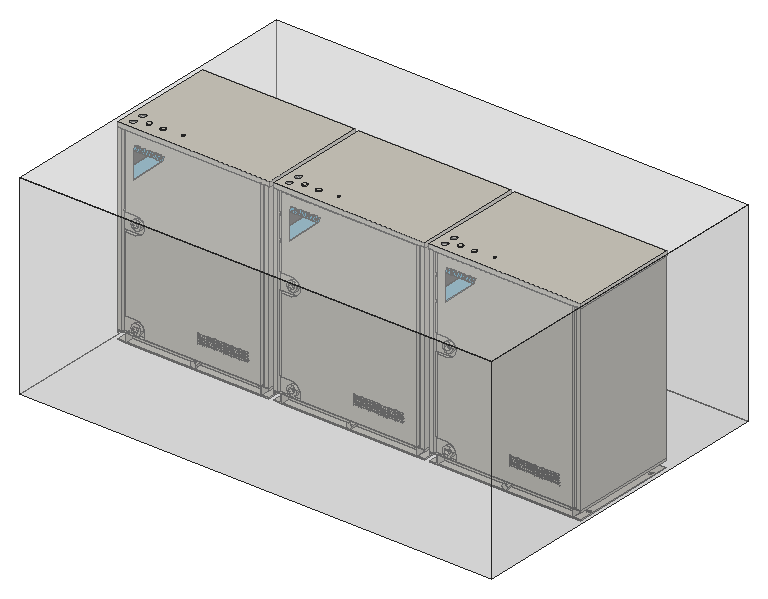
Revit family "outputfile", category 機械設備, Revit 2024
Family settings
  丸型コネクタ寸法 = 半径を使用
  種別 = なし
  パーツ タイプ = 標準
  OmniClass 番号 = 23.75.10.24.21.27.27
  OmniClass タイトル = Split System Air Conditioning Units
  作業面ベース = いいえ
  常に垂直 = はい
  ロード時にボイドで切り取り = いいえ
  注釈の向きを維持 = いいえ
  共有 = いいえ
  部屋計算ポイント = いいえ
Parameters (values of type "RWEYQ30TYM")
  製造元 = "Daikin"
  書き出し IFC クラス(タイプ) = "IfcUnitaryEquipmentType"
  定義済み IFC タイプ(タイプ) = "AIRCONDITIONINGUNIT"
  モデル = "RWEYQ30TYM"
  w_unit3 = 780.0 mm
  w_unit2 = 780.0 mm
  w_unit1 = 780.0 mm
  switch_unit3_6-8 [instance] = if(Reverse_ModuleSequence, if(default_unit1 = 1, 1 = 1, 1 = 0), if(default_unit3 = 1, 1 = 1, 1 = 0))  # no
  switch_unit3_12 [instance] = if(Reverse_ModuleSequence, if(default_unit1 = 3, 1 = 1, 1 = 0), if(default_unit3 = 3, 1 = 1, 1 = 0))  # no
  switch_unit3_10 [instance] = if(Reverse_ModuleSequence, if(default_unit1 = 2, 1 = 1, 1 = 0), if(default_unit3 = 2, 1 = 1, 1 = 0))  # yes
  switch_unit2_6-8 [instance] = if(default_unit2 = 1, 1 = 1, 1 = 0)  # no
  switch_unit2_12 [instance] = if(default_unit2 = 3, 1 = 1, 1 = 0)  # no
  switch_unit2_10 [instance] = if(default_unit2 = 2, 1 = 1, 1 = 0)  # yes
  switch_unit1_6-8 [instance] = if(Reverse_ModuleSequence, if(default_unit3 = 1, 1 = 1, 1 = 0), if(default_unit1 = 1, 1 = 1, 1 = 0))  # no
  switch_unit1_12 [instance] = if(Reverse_ModuleSequence, if(default_unit3 = 3, 1 = 1, 1 = 0), if(default_unit1 = 3, 1 = 1, 1 = 0))  # no
  switch_unit1_10 [instance] = if(Reverse_ModuleSequence, if(default_unit3 = 2, 1 = 1, 1 = 0), if(default_unit1 = 2, 1 = 1, 1 = 0))  # yes
  r_Water Outlet Pipe Connection_unit3 [instance] = Water Outlet Pipe Connection_Unit3 / 2  # 15.9 mm
  r_Water Outlet Pipe Connection_unit2 [instance] = Water Outlet Pipe Connection_Unit2 / 2  # 15.9 mm
  r_Water Outlet Pipe Connection_unit1 [instance] = Water Outlet Pipe Connection_Unit1 / 2  # 15.9 mm
  r_Water Inlet Pipe Connection_unit3 [instance] = Water Inlet Pipe Connection_Unit3 / 2  # 15.9 mm
  r_Water Inlet Pipe Connection_unit2 [instance] = Water Inlet Pipe Connection_Unit2 / 2  # 15.9 mm
  r_Water Inlet Pipe Connection_unit1 [instance] = Water Inlet Pipe Connection_Unit1 / 2  # 15.9 mm
  r_Drain Pipe Size = Drain Pipe Size / 2  # 6.35 mm
  lw_Water Outlet3 = 95.0 mm
  lw_Water Outlet2 = 95.0 mm
  lw_Water Outlet1 = 95.0 mm
  lw_Water Inlet3 = 95.0 mm
  lw_Water Inlet2 = 95.0 mm
  lw_Water Inlet1 = 95.0 mm
  lw_Drain3 = 390.0 mm
  lw_Drain2 = 390.0 mm
  lw_Drain1 = 390.0 mm
  default_Water Outlet Pipe Connection_Unit 3 = 31.8 mm
  default_Water Outlet Pipe Connection_Unit 2 = 31.8 mm
  default_Water Outlet Pipe Connection_Unit 1 = 31.8 mm
  default_Water Inlet Pipe Connection_Unit 3 = 31.8 mm
  default_Water Inlet Pipe Connection_Unit 2 = 31.8 mm
  default_Water Inlet Pipe Connection_Unit 1 = 31.8 mm
  angle_Drain [instance] = if(Rear Connection_Drain, 180.00°, 0.00°)  # 0.00°
  r_Liquid Pipe Size_unit3 [instance] = Liquid Pipe Size_Unit 3 / 2  # 4.75 mm
  r_Liquid Pipe Size_unit2 [instance] = Liquid Pipe Size_Unit 2 / 2  # 4.75 mm
  r_HP/LP Gas Pipe Size_unit3 [instance] = [HP/LP Gas Pipe Size_Unit 3] / 2  # 11.1 mm
  r_HP/LP Gas Pipe Size_unit2 [instance] = [HP/LP Gas Pipe Size_Unit 2] / 2  # 11.1 mm
  r_HP/LP Gas Pipe Size_unit1 [instance] = [HP/LP Gas Pipe Size_Unit 1] / 2  # 11.1 mm
  r_Gas Pipe Size_unit3 [instance] = Gas Pipe Size_Unit 3 / 2  # 11.1 mm
  r_Gas Pipe Size_unit2 [instance] = Gas Pipe Size_Unit 2 / 2  # 11.1 mm
  lw_powersupply3 = 51.0 mm
  lw_powersupply2 = 51.0 mm
  lw_liquidpipe3 = 274.0 mm
  lw_liquidpipe2 = 274.0 mm
  lw_gaspipe3 [instance] = if(Heat Pump, 107.0 mm, 178.0 mm)  # 107.0 mm
  lw_gaspipe2 [instance] = if(Heat Pump, 107.0 mm, 178.0 mm)  # 107.0 mm
  lw_HP/LP Gas Pipe3 [instance] = if(Heat Pump, 178.0 mm, 107.0 mm)  # 178.0 mm
  lw_HP/LP Gas Pipe2 [instance] = if(Heat Pump, 178.0 mm, 107.0 mm)  # 178.0 mm
  lw_HP/LP Gas Pipe1 [instance] = if(Heat Pump, 178.0 mm, 107.0 mm)  # 178.0 mm
  ld_HP/LP Gas Pipe = 69.0 mm
  h_mountinghole = [h_***] + 2.3 mm  # 2.3 mm
  r_Liquid Pipe Size_unit1 [instance] = Liquid Pipe Size_Unit 1 / 2  # 4.75 mm
  r_Gas Pipe Size_unit1 [instance] = Gas Pipe Size_Unit 1 / 2  # 11.1 mm
  distance_unit2-3 [instance] = 20.0 mm
  distance_unit1-2 [instance] = 20.0 mm
  default_unit3 = 2
  default_unit2 = 2
  default_unit1 = 2
  default_Model_Unit 3 = "RWEYQ10TYM"
  default_Model_Unit 2 = "RWEYQ10TYM"
  default_Model_Unit 1 = "RWEYQ10TYM"
  default_Liquid Pipe Size_Unit 3 = 9.5 mm
  default_Liquid Pipe Size_Unit 2 = 9.5 mm
  default_Liquid Pipe Size_Unit 1 = 9.5 mm
  default_HP/LP Gas Pipe Size_Unit 3 [instance] = if(and(Heat Pump, [switch_unit3_6-8]), 19.1 mm, if(and(Heat Pump, switch_unit3_10), 22.2 mm, if(and(Heat Pump, switch_unit3_12), 22.2 mm, if(and(Heat Recovery, [switch_unit3_6-8]), 15.9 mm, if(and(Heat Recovery, switch_unit3_10), 19.1 mm, if(and(Heat Recovery, switch_unit3_12), 19.1 mm, 19.1 mm))))))  # 22.2 mm
  default_HP/LP Gas Pipe Size_Unit 2 [instance] = if(and(Heat Pump, [switch_unit2_6-8]), 19.1 mm, if(and(Heat Pump, switch_unit2_10), 22.2 mm, if(and(Heat Pump, switch_unit2_12), 22.2 mm, if(and(Heat Recovery, [switch_unit2_6-8]), 15.9 mm, if(and(Heat Recovery, switch_unit2_10), 19.1 mm, if(and(Heat Recovery, switch_unit2_12), 19.1 mm, 19.1 mm))))))  # 22.2 mm
  default_HP/LP Gas Pipe Size_Unit 1 [instance] = if(and(Heat Pump, [switch_unit1_6-8]), 19.1 mm, if(and(Heat Pump, switch_unit1_10), 22.2 mm, if(and(Heat Pump, switch_unit1_12), 22.2 mm, if(and(Heat Recovery, [switch_unit1_6-8]), 15.9 mm, if(and(Heat Recovery, switch_unit1_10), 19.1 mm, if(and(Heat Recovery, switch_unit1_12), 19.1 mm, 19.1 mm))))))  # 22.2 mm
  default_Gas Pipe Size_Unit 3 = 22.2 mm
  default_Gas Pipe Size_Unit 2 = 22.2 mm
  default_Gas Pipe Size_Unit 1 = 22.2 mm
  Water Outlet Pipe Connection_Unit3 [instance] = if(Reverse_ModuleSequence, default_Water Outlet Pipe Connection_Unit 1, default_Water Outlet Pipe Connection_Unit 3)  # 31.8 mm
  Water Outlet Pipe Connection_Unit2 [instance] = if(Reverse_ModuleSequence, default_Water Inlet Pipe Connection_Unit 2, default_Water Inlet Pipe Connection_Unit 2)  # 31.8 mm
  Water Outlet Pipe Connection_Unit1 [instance] = if(Reverse_ModuleSequence, default_Water Outlet Pipe Connection_Unit 3, default_Water Outlet Pipe Connection_Unit 1)  # 31.8 mm
  Water Inlet Pipe Connection_Unit3 [instance] = if(Reverse_ModuleSequence, default_Water Inlet Pipe Connection_Unit 1, default_Water Inlet Pipe Connection_Unit 3)  # 31.8 mm
  Water Inlet Pipe Connection_Unit2 [instance] = if(Reverse_ModuleSequence, default_Water Outlet Pipe Connection_Unit 2, default_Water Outlet Pipe Connection_Unit 2)  # 31.8 mm
  Water Inlet Pipe Connection_Unit1 [instance] = if(Reverse_ModuleSequence, default_Water Inlet Pipe Connection_Unit 3, default_Water Inlet Pipe Connection_Unit 1)  # 31.8 mm
  Voltage_comment_60Hz = "380"
  Voltage_comment_50Hz = "380-415"
  Voltage_60Hz = 380 V
  Voltage_50Hz = 400 V
  Top Connection_powersupply2 [instance] = not(Top Connection_powersupply1)  # no
  Sound Power Level (dB) = 76
  Reverse_ModuleSequence [instance] = no
  Rear Connection_Drain [instance] = not(Front Connection_Drain)  # no
  Power Input (Heating) = 16.800 kW
  Phase_60Hz = 3
  Phase_50Hz = 3
  Nominal Heating Capacity = 94.500 kW
  Model_Unit 3 [instance] = if(Reverse_ModuleSequence, default_Model_Unit 1, default_Model_Unit 3)  # "RWEYQ10TYM"
  Model_Unit 2 [instance] = if(Reverse_ModuleSequence, default_Model_Unit 2, default_Model_Unit 2)  # "RWEYQ10TYM"
  Model_Unit 1 [instance] = if(Reverse_ModuleSequence, default_Model_Unit 3, default_Model_Unit 1)  # "RWEYQ10TYM"
  Minimum Circuit Amps_60Hz = 40.9 A
  Minimum Circuit Amps_50Hz = 40.9 A
  Maximum Fuse Amps_60Hz = 45.0 A
  Maximum Fuse Amps_50Hz = 45.0 A
  Material_Heat Exchanger = DAIKIN_Blue_HE_outdoorunit
  Material_Casing = DAIKIN_IvoryWhite_Casing_outdoorunit
  lw_powersupply1 = 51.0 mm
  lw_liquidpipe1 = 274.0 mm
  lw_gaspipe1 [instance] = if(Heat Pump, 107.0 mm, 178.0 mm)  # 107.0 mm
  lh_powersupply = 940.0 mm
  ld_powersupply [instance] = if(Top Connection_powersupply1, 38.0 mm, 98.0 mm)  # 38.0 mm
  ld_liquidpipe = 79.0 mm
  ld_gaspipe = 69.0 mm
  h_*** = 0.0 mm
  Width [instance] = [distance_unit1-2] + [distance_unit2-3] + w_unit1 + w_unit2 + w_unit3  # 2380.0 mm
  Version = "ver.1.0"
  Unit Type = ""
  Unit Mass Weight = 441.00 kg
  Unit Designation [instance] = ""
  Uniclass2015Version = "Products v1.30"
  Uniclass2015Title = "Variable refrigerant flow units"
  Uniclass2015Code = "Pr_70_65_03_94"
  Total Cooling Capacity [instance] = 0.000 kW
  Sound Pressure Level (dBA) = 56
  Series = "VRV Heat Recovery"
  Refrigerant_Base Charge = 12.600 kg
  Refrigerant_Additional Charge [instance] = 0.000 kg
  Refrigerant Type = "R410A"
  Power Input (Cooling) = 16.300 kW
  Option Accessory 3 [instance] = ""
  Option Accessory 2 [instance] = ""
  Option Accessory 1 [instance] = ""
  Nominal Cooling Capacity = 84.000 kW
  Load Classification = HVAC
  Liquid Pipe Size_Unit 3 [instance] = if(Reverse_ModuleSequence, default_Liquid Pipe Size_Unit 1, default_Liquid Pipe Size_Unit 3)  # 9.5 mm
  Liquid Pipe Size_Unit 2 [instance] = if(Reverse_ModuleSequence, default_Liquid Pipe Size_Unit 2, default_Liquid Pipe Size_Unit 2)  # 9.5 mm
  Liquid Pipe Size_Unit 1 [instance] = if(Reverse_ModuleSequence, default_Liquid Pipe Size_Unit 3, default_Liquid Pipe Size_Unit 1)  # 9.5 mm
  Link_Nested Family [instance] = ""
  Intermediate Liquid Pipe Size_Unit1-2 = 15.9 mm
  Intermediate HP/LP Gas Pipe Size_Unit1-2 = 22.2 mm
  Intermediate Gas Pipe Size_Unit1-2 = 28.6 mm
  IfcVersion = ""
  IfcExportType = "AIRCONDITIONINGUNIT"
  IfcExportAs = "IfcUnitaryEquipmentType"
  Height = 1000.0 mm
  Heat Recovery [instance] = not(Heat Pump)  # no
  Heat Pump [instance] = yes
  Heat Exchanger Type = "Stainless Steel Plate"
  HP/LP Gas Pipe Size_Unit 3 [instance] = [default_HP/LP Gas Pipe Size_Unit 3]  # 22.2 mm
  HP/LP Gas Pipe Size_Unit 2 [instance] = [default_HP/LP Gas Pipe Size_Unit 2]  # 22.2 mm
  HP/LP Gas Pipe Size_Unit 1 [instance] = [default_HP/LP Gas Pipe Size_Unit 1]  # 22.2 mm
  Gas Pipe Size_Unit 3 [instance] = if(Reverse_ModuleSequence, default_Gas Pipe Size_Unit 1, default_Gas Pipe Size_Unit 3)  # 22.2 mm
  Gas Pipe Size_Unit 2 [instance] = if(Reverse_ModuleSequence, default_Gas Pipe Size_Unit 2, default_Gas Pipe Size_Unit 2)  # 22.2 mm
  Gas Pipe Size_Unit 1 [instance] = if(Reverse_ModuleSequence, default_Gas Pipe Size_Unit 3, default_Gas Pipe Size_Unit 1)  # 22.2 mm
  Top Connection_powersupply1 [instance] = yes
  Front Connection_Drain [instance] = yes
  Frequency_60Hz = 60 Hz
  Frequency_50Hz = 50 Hz
  Drain Pipe Size = 12.7 mm
  Depth = 550.0 mm
  既定の高さ = 0.0 mm
  Cooling Ambient Wet Bulb Temperature [instance] = 0.00 °C
  Cooling Ambient Dry Bulb Temperature [instance] = 0.00 °C
  Compressor Type = "Hermetically Sealed Scroll Type"
  Clearance visibility [instance] = yes
  Clearance Top = 0.0 mm
  Clearance Right = 20.0 mm
  Clearance Rear = 500.0 mm
  Clearance Left = 20.0 mm
  Clearance Front = 600.0 mm
  Clearance Bottom = 0.0 mm
  CU Tag No. [instance] = ""
Reference planes
  plane 1 "Center (Front/Back)": y = 0
  plane 2 "h_***": z = 0
  plane 3 "Center (Left/Right)": x = 0
  plane 4 "Back": y = 275
  plane 5 "Front": y = -275
  plane 6 "Left": x = -390
  plane 7 "w_unit1": x = 390
  plane 8 "Top": z = 1000
  plane 9 "Clearance Rear": y = 775
  plane 10 "Clearance Front": y = -875
  plane 11 "Clearance Left": x = -410
  plane 12 "Clearance Right": x = 2010
  plane 13 "Clearance Top": z = 1000
  plane 14 "Clearance Bottom": z = 0
  plane 15 "Bottom": z = 0
  plane 16 "lw_powersupply1": x = -339
  plane 17 "ld_powersupply": y = -237
  plane 18 "lw_liquidpipe1": x = -116
  plane 19 "Rear Connection_refrigetant": y = -196
  plane 20 "lw_gaspipe1": x = -283
  plane 21 "ld_gaspipe": y = -206
  plane 22 "lh_logo": z = 900
  plane 23 "lw_logo": x = 100
  plane 24 "lh_powersupply": z = 940
  plane 25 "lw_HP/LP Gas Pipe1": x = -212
  plane 26 "ld_HP/LP Gas Pipe": y = -206
  plane 27 "l_unit2": x = 410
  plane 28 "w_unit2": x = 1190
  plane 29 "lw_powersupply2": x = 461
  plane 30 "lw_liquidpipe2": x = 684
  plane 31 "lw_gaspipe2": x = 517
  plane 32 "lw_HP/LP Gas Pipe2": x = 588
  plane 33 "Right": x = 1990
  plane 34 "叴": x = 1210
  plane 35 "叵": x = 1261
  plane 36 "叶": x = 1484
  plane 37 "号": x = 1317
  plane 38 "司": x = 1388
  plane 39 "lw_Water Inlet1": x = -295
  plane 40 "lw_Water Inlet2": x = 505
  plane 41 "lw_Water Inlet3": x = 1305
  plane 42 "lw_Water Outlet1": x = -295
  plane 43 "lw_Water Outlet2": x = 505
  plane 44 "lw_Water Outlet3": x = 1305
  plane 45 "lw_Drain1": x = 0
  plane 46 "lw_Drain2": x = 800
  plane 47 "lw_Drain3": x = 1600
Dimensions and locks
  equal spacing: plane 4 "Back", plane 1 "Center (Front/Back)", plane 5 "Front"
  "Depth": plane 4 "Back" to plane 5 "Front"
  equal spacing: plane 6 "Left", plane 3 "Center (Left/Right)", plane 7 "w_unit1"
  "w_unit1": plane 6 "Left" to plane 7 "w_unit1"
  "Clearance Rear": plane 9 "Clearance Rear" to plane 4 "Back"
  "Clearance Front": plane 10 "Clearance Front" to plane 5 "Front"
  "Clearance Left": plane 11 "Clearance Left" to plane 6 "Left"
  "Clearance Top": plane 13 "Clearance Top" to plane 8 "Top"
  "h_***": plane 15 "Bottom" to plane 2 "h_***"
  "Height": plane 8 "Top" to plane 15 "Bottom"
  "Clearance Bottom": plane 15 "Bottom" to plane 14 "Clearance Bottom"
  "ld_powersupply": plane 17 "ld_powersupply" to plane 5 "Front"
  "ld_liquidpipe": plane 19 "Rear Connection_refrigetant" to plane 5 "Front"
  "ld_gaspipe": plane 21 "ld_gaspipe" to plane 5 "Front"
  locked: plane 23 "lw_logo" to plane 7 "w_unit1" at 290
  locked: plane 22 "lh_logo" to plane 15 "Bottom" at 900
  "lw_gaspipe1": plane 6 "Left" to plane 20 "lw_gaspipe1"
  "lw_liquidpipe1": plane 6 "Left" to plane 18 "lw_liquidpipe1"
  "lw_powersupply1": plane 6 "Left" to plane 16 "lw_powersupply1"
  "lh_powersupply": plane 24 "lh_powersupply" to plane 15 "Bottom"
  "lw_HP/LP Gas Pipe1": plane 6 "Left" to plane 25 "lw_HP/LP Gas Pipe1"
  "ld_HP/LP Gas Pipe": plane 26 "ld_HP/LP Gas Pipe" to plane 5 "Front"
  "distance_unit1-2": plane 7 "w_unit1" to plane 27 "l_unit2"
  "lw_powersupply2": plane 27 "l_unit2" to plane 29 "lw_powersupply2"
  "lw_HP/LP Gas Pipe2": plane 27 "l_unit2" to plane 32 "lw_HP/LP Gas Pipe2"
  "lw_gaspipe2": plane 27 "l_unit2" to plane 31 "lw_gaspipe2"
  "lw_liquidpipe2": plane 27 "l_unit2" to plane 30 "lw_liquidpipe2"
  "w_unit2": plane 27 "l_unit2" to plane 28 "w_unit2"
  "distance_unit2-3": plane 28 "w_unit2" to plane 34 "叴"
  "Width": plane 6 "Left" to plane 33 "Right"
  "Clearance Right": plane 33 "Right" to plane 12 "Clearance Right"
  "lw_powersupply3": plane 34 "叴" to plane 35 "叵"
  "lw_HP/LP Gas Pipe3": plane 34 "叴" to plane 38 "司"
  "lw_gaspipe3": plane 34 "叴" to plane 37 "号"
  "lw_liquidpipe3": plane 34 "叴" to plane 36 "叶"
  "lw_Water Inlet1": plane 6 "Left" to plane 39 "lw_Water Inlet1"
  "lw_Water Inlet2": plane 27 "l_unit2" to plane 40 "lw_Water Inlet2"
  "lw_Water Inlet3": plane 34 "叴" to plane 41 "lw_Water Inlet3"
  "lw_Water Outlet1": plane 6 "Left" to plane 42 "lw_Water Outlet1"
  "lw_Water Outlet2": plane 27 "l_unit2" to plane 43 "lw_Water Outlet2"
  "lw_Water Outlet3": plane 34 "叴" to plane 44 "lw_Water Outlet3"
  "lw_Drain1": plane 6 "Left" to plane 45 "lw_Drain1"
  "lw_Drain2": plane 27 "l_unit2" to plane 46 "lw_Drain2"
  "lw_Drain3": plane 34 "叴" to plane 47 "lw_Drain3"
  aligned and locked: level to plane 2 "h_***"
  aligned and locked: nested 2 to plane 9 "Clearance Rear"
  aligned and locked: nested 2 to plane 10 "Clearance Front"
  aligned and locked: plane 11 "Clearance Left" to nested 2
  aligned and locked: plane 12 "Clearance Right" to nested 2
  aligned and locked: nested 2 to plane 13 "Clearance Top"
  aligned and locked: nested 2 to plane 14 "Clearance Bottom"
  aligned and locked: plane 8 "Top" to nested 1
  aligned and locked: plane 22 "lh_logo" to nested 7
  aligned and locked: nested 8 to plane 16 "lw_powersupply1"
  aligned and locked: nested 9 to plane 20 "lw_gaspipe1"
  aligned and locked: nested 10 to plane 18 "lw_liquidpipe1"
  aligned and locked: nested 10 to plane 19 "Rear Connection_refrigetant"
  aligned and locked: nested 9 to plane 21 "ld_gaspipe"
  aligned and locked: nested 8 to plane 17 "ld_powersupply"
  aligned and locked: plane 5 "Front" to nested 7
  aligned and locked: plane 24 "lh_powersupply" to nested 8
  aligned and locked: plane 27 "l_unit2" to nested 11
  aligned and locked: nested 17 to plane 29 "lw_powersupply2"
  aligned and locked: nested 17 to plane 17 "ld_powersupply"
  aligned and locked: nested 18 to plane 31 "lw_gaspipe2"
  aligned and locked: nested 18 to plane 26 "ld_HP/LP Gas Pipe"
  aligned and locked: plane 1 "Center (Front/Back)" to nested 20
  aligned and locked: plane 34 "叴" to nested 20
  aligned and locked: nested 27 to plane 35 "叵"
  aligned and locked: nested 28 to plane 37 "号"
  aligned and locked: nested 26 to plane 36 "叶"
  aligned and locked: plane 17 "ld_powersupply" to nested 27
  aligned and locked: plane 21 "ld_gaspipe" to nested 28
  aligned and locked: plane 19 "Rear Connection_refrigetant" to nested 26
  aligned and locked: nested 27 to plane 24 "lh_powersupply"
  aligned and locked: plane 1 "Center (Front/Back)" to nested 29
  aligned and locked: plane 1 "Center (Front/Back)" to nested 30
  aligned and locked: plane 1 "Center (Front/Back)" to nested 31
  aligned and locked: plane 1 "Center (Front/Back)" to nested 32
  aligned and locked: plane 1 "Center (Front/Back)" to nested 33
  aligned and locked: plane 1 "Center (Front/Back)" to nested 34
  aligned and locked: plane 1 "Center (Front/Back)" to nested 35
  aligned and locked: plane 1 "Center (Front/Back)" to nested 36
  aligned and locked: plane 1 "Center (Front/Back)" to nested 37
  aligned and locked: plane 39 "lw_Water Inlet1" to nested 29
  aligned and locked: plane 40 "lw_Water Inlet2" to nested 30
  aligned and locked: plane 41 "lw_Water Inlet3" to nested 31
  aligned and locked: plane 42 "lw_Water Outlet1" to nested 32
  aligned and locked: plane 43 "lw_Water Outlet2" to nested 33
  aligned and locked: plane 44 "lw_Water Outlet3" to nested 34
  aligned and locked: plane 45 "lw_Drain1" to nested 35
  aligned and locked: plane 46 "lw_Drain2" to nested 36
  aligned and locked: plane 47 "lw_Drain3" to nested 37
  aligned and locked: plane 25 "lw_HP/LP Gas Pipe1" to nested 38
  aligned and locked: plane 32 "lw_HP/LP Gas Pipe2" to nested 39
  aligned and locked: plane 38 "司" to nested 40
  aligned and locked: nested 38 to plane 26 "ld_HP/LP Gas Pipe"
  aligned and locked: nested 39 to plane 26 "ld_HP/LP Gas Pipe"
  aligned and locked: plane 26 "ld_HP/LP Gas Pipe" to nested 40
Nested families
  nested 1: "DAIKIN_outdoorunit_RWEYQ-TYM" at (-31, 0, 0), h_*** <- "h_***", Link_Nest <- "Link_Nested Family", h_mountinghole <- "h_mountinghole", Width <- "w_unit1", switch_unit1_6-8 <- "switch_unit1_6-8", switch_unit1_10 <- "switch_unit1_10", switch_unit1_12 <- "switch_unit1_12", type "RWEYQ-TYM"
    with switch_unit1_6-8 no, switch_unit1_12 no, switch_unit1_10 yes, show_fixedhole yes, h_mountinghole 2.3 mm, h_antenna_mountinghole 998.7 mm, h_*** 0.0 mm, array_bolt 5, Width 780.0 mm, Liquid Pipe Size_Unit 1 9.5 mm, Link_Nest "", HP/LP Pipe Size_Unit 1 22.2 mm, Gas Pipe Size_Unit 1 22.2 mm, Heat Recovery no, Heat Pump yes, HP/LP Pipe Size_Unit 1_L 178.0 mm, Gas Pipe Size_Unit 1_L 107.0 mm
  nested 2: "daikin_clearancespace" at (800, -50, 500.119), visible <- "Clearance visibility", show <- "Clearance visibility", Link_Nested Family <- "Link_Nested Family", type "daikin_clearancespace"
    with width 2420.0 mm, show yes, height 1000.0 mm, depth 1650.0 mm, Link_Nested Family ""
  nested 3: "daikin_mountinghole" at (-372, 200, 0), type "daikin_mountinghole"
    with show yes, l_antenna 998.7 mm, h_mountinghole 2.3 mm, Link_Nested Family ""
  nested 4: "daikin_mountinghole" at (372, 200, 0), type "daikin_mountinghole"
    with show yes, l_antenna 998.7 mm, h_mountinghole 2.3 mm, Link_Nested Family ""
  nested 5: "daikin_mountinghole" at (-372, -200, 0), type "daikin_mountinghole"
    with show yes, l_antenna 998.7 mm, h_mountinghole 2.3 mm, Link_Nested Family ""
  nested 6: "daikin_mountinghole" at (372, -200, 0), type "daikin_mountinghole"
    with show yes, l_antenna 998.7 mm, h_mountinghole 2.3 mm, Link_Nested Family ""
  nested 7: "daikin_logo_elevation_w150" at (-212.5, -275, 744.568), type "daikin_logo_elevation_w150"
    with show_logo yes
  nested 8: "daikin_connector_rotate3" at (-339, -237, 940) x (-1, 0, 0) z (0, 0, -1), type "daikin_connector_rotate3"
    with show no, radius 10.0 mm, length 60.0 mm, angle_vertical 0.00°, angle_horizontal 0.00°
  nested 9: "daikin_connector_rotate3" at (-283, -206, 940) x (-1, 0, 0) z (0, 0, -1), radius <- "r_Gas Pipe Size_unit1", type "daikin_connector_rotate3"
    with show no, radius 11.1 mm, length 60.0 mm, angle_vertical 0.00°, angle_horizontal 0.00°
  nested 10: "daikin_connector_rotate3" at (-116, -196, 940) x (-1, 0, 0) z (0, 0, -1), radius <- "r_Liquid Pipe Size_unit1", type "daikin_connector_rotate3"
    with show no, radius 4.75 mm, length 60.0 mm, angle_vertical 0.00°, angle_horizontal 0.00°
  nested 11: "DAIKIN_outdoorunit_RWEYQ-TYM" at (769, 0, 0), Width <- "w_unit2", switch_unit1_6-8 <- "switch_unit2_6-8", switch_unit1_10 <- "switch_unit2_10", switch_unit1_12 <- "switch_unit2_12", type "RWEYQ-TYM"
    with switch_unit1_6-8 no, switch_unit1_12 no, switch_unit1_10 yes, show_fixedhole yes, h_mountinghole 2.3 mm, h_antenna_mountinghole 998.7 mm, h_*** 0.0 mm, array_bolt 5, Width 780.0 mm, Liquid Pipe Size_Unit 1 9.5 mm, Link_Nest "", HP/LP Pipe Size_Unit 1 22.2 mm, Gas Pipe Size_Unit 1 22.2 mm, Heat Recovery no, Heat Pump yes, HP/LP Pipe Size_Unit 1_L 178.0 mm, Gas Pipe Size_Unit 1_L 107.0 mm
  nested 12: "daikin_mountinghole" at (428, 200, 0), type "daikin_mountinghole"
    with show yes, l_antenna 998.7 mm, h_mountinghole 2.3 mm, Link_Nested Family ""
  nested 13: "daikin_mountinghole" at (1172, 200, 0), type "daikin_mountinghole"
    with show yes, l_antenna 998.7 mm, h_mountinghole 2.3 mm, Link_Nested Family ""
  nested 14: "daikin_mountinghole" at (428, -200, 0), type "daikin_mountinghole"
    with show yes, l_antenna 998.7 mm, h_mountinghole 2.3 mm, Link_Nested Family ""
  nested 15: "daikin_mountinghole" at (1172, -200, 0), type "daikin_mountinghole"
    with show yes, l_antenna 998.7 mm, h_mountinghole 2.3 mm, Link_Nested Family ""
  nested 16: "daikin_connector_rotate3" at (684, -196, 940) x (-1, 0, 0) z (0, 0, -1), radius <- "r_Liquid Pipe Size_unit2", type "daikin_connector_rotate3"
    with show no, radius 4.75 mm, length 60.0 mm, angle_vertical 0.00°, angle_horizontal 0.00°
  nested 17: "daikin_connector_rotate3" at (461, -237, 940) x (-1, 0, 0) z (0, 0, -1), type "daikin_connector_rotate3"
    with show no, radius 10.0 mm, length 60.0 mm, angle_vertical 0.00°, angle_horizontal 0.00°
  nested 18: "daikin_connector_rotate3" at (517, -206, 940) x (-1, 0, 0) z (0, 0, -1), radius <- "r_Gas Pipe Size_unit2", type "daikin_connector_rotate3"
    with show no, radius 11.1 mm, length 60.0 mm, angle_vertical 0.00°, angle_horizontal 0.00°
  nested 19: "daikin_logo_elevation_w150" at (587.5, -275, 744.568), type "daikin_logo_elevation_w150"
    with show_logo yes
  nested 20: "DAIKIN_outdoorunit_RWEYQ-TYM" at (1569, 0, 0), switch_unit1_6-8 <- "switch_unit3_6-8", switch_unit1_10 <- "switch_unit3_10", switch_unit1_12 <- "switch_unit3_12", Width <- "w_unit3", type "RWEYQ-TYM"
    with switch_unit1_6-8 no, switch_unit1_12 no, switch_unit1_10 yes, show_fixedhole yes, h_mountinghole 2.3 mm, h_antenna_mountinghole 998.7 mm, h_*** 0.0 mm, array_bolt 5, Width 780.0 mm, Liquid Pipe Size_Unit 1 9.5 mm, Link_Nest "", HP/LP Pipe Size_Unit 1 22.2 mm, Gas Pipe Size_Unit 1 22.2 mm, Heat Recovery no, Heat Pump yes, HP/LP Pipe Size_Unit 1_L 178.0 mm, Gas Pipe Size_Unit 1_L 107.0 mm
  nested 21: "daikin_mountinghole" at (1228, 200, 0), type "daikin_mountinghole"
    with show yes, l_antenna 998.7 mm, h_mountinghole 2.3 mm, Link_Nested Family ""
  nested 22: "daikin_mountinghole" at (1972, 200, 0), type "daikin_mountinghole"
    with show yes, l_antenna 998.7 mm, h_mountinghole 2.3 mm, Link_Nested Family ""
  nested 23: "daikin_mountinghole" at (1228, -200, 0), type "daikin_mountinghole"
    with show yes, l_antenna 998.7 mm, h_mountinghole 2.3 mm, Link_Nested Family ""
  nested 24: "daikin_mountinghole" at (1972, -200, 0), type "daikin_mountinghole"
    with show yes, l_antenna 998.7 mm, h_mountinghole 2.3 mm, Link_Nested Family ""
  nested 25: "daikin_logo_elevation_w150" at (1387.5, -275, 744.568), type "daikin_logo_elevation_w150"
    with show_logo yes
  nested 26: "daikin_connector_rotate3" at (1484, -196, 940) x (-1, 0, 0) z (0, 0, -1), radius <- "r_Liquid Pipe Size_unit3", type "daikin_connector_rotate3"
    with show no, radius 4.75 mm, length 60.0 mm, angle_vertical 0.00°, angle_horizontal 0.00°
  nested 27: "daikin_connector_rotate3" at (1261, -237, 940) x (-1, 0, 0) z (0, 0, -1), type "daikin_connector_rotate3"
    with show no, radius 10.0 mm, length 60.0 mm, angle_vertical 0.00°, angle_horizontal 0.00°
  nested 28: "daikin_connector_rotate3" at (1317, -206, 940) x (-1, 0, 0) z (0, 0, -1), radius <- "r_Gas Pipe Size_unit3", type "daikin_connector_rotate3"
    with show no, radius 11.1 mm, length 60.0 mm, angle_vertical 0.00°, angle_horizontal 0.00°
  nested 29: "daikin_connector_rotate3" at (-295, 0, 76), radius <- "r_Water Inlet Pipe Connection_unit1", type "daikin_connector_rotate3"
    with show no, radius 15.9 mm, length 275.0 mm, angle_vertical 90.00°, angle_horizontal 0.00°
  nested 30: "daikin_connector_rotate3" at (505, 0, 76), radius <- "r_Water Inlet Pipe Connection_unit2", type "daikin_connector_rotate3"
    with show no, radius 15.9 mm, length 275.0 mm, angle_vertical 90.00°, angle_horizontal 0.00°
  nested 31: "daikin_connector_rotate3" at (1305, 0, 76), radius <- "r_Water Inlet Pipe Connection_unit3", type "daikin_connector_rotate3"
    with show no, radius 15.9 mm, length 275.0 mm, angle_vertical 90.00°, angle_horizontal 0.00°
  nested 32: "daikin_connector_rotate3" at (-295, 0, 556), radius <- "r_Water Outlet Pipe Connection_unit1", type "daikin_connector_rotate3"
    with show no, radius 15.9 mm, length 275.0 mm, angle_vertical 90.00°, angle_horizontal 0.00°
  nested 33: "daikin_connector_rotate3" at (505, 0, 556), radius <- "r_Water Outlet Pipe Connection_unit2", type "daikin_connector_rotate3"
    with show no, radius 15.9 mm, length 275.0 mm, angle_vertical 90.00°, angle_horizontal 0.00°
  nested 34: "daikin_connector_rotate3" at (1305, 0, 556), radius <- "r_Water Outlet Pipe Connection_unit3", type "daikin_connector_rotate3"
    with show no, radius 15.9 mm, length 275.0 mm, angle_vertical 90.00°, angle_horizontal 0.00°
  nested 35: "daikin_connector_rotate3" at (0, 0, 19), angle_horizontal <- "angle_Drain", radius <- "r_Drain Pipe Size", type "daikin_connector_rotate3"
    with show no, radius 6.35 mm, length 275.0 mm, angle_vertical 90.00°, angle_horizontal 0.00°
  nested 36: "daikin_connector_rotate3" at (800, 0, 19), angle_horizontal <- "angle_Drain", radius <- "r_Drain Pipe Size", type "daikin_connector_rotate3"
    with show no, radius 6.35 mm, length 275.0 mm, angle_vertical 90.00°, angle_horizontal 0.00°
  nested 37: "daikin_connector_rotate3" at (1600, 0, 19), angle_horizontal <- "angle_Drain", radius <- "r_Drain Pipe Size", type "daikin_connector_rotate3"
    with show no, radius 6.35 mm, length 275.0 mm, angle_vertical 90.00°, angle_horizontal 0.00°
  nested 38: "daikin_connector_rotate3" at (-212, -206, 940) x (1, 0, 0) z (0, 0, -1), radius <- "r_HP/LP Gas Pipe Size_unit1", type "daikin_connector_rotate3"
    with show no, radius 11.1 mm, length 60.0 mm, angle_vertical 0.00°, angle_horizontal 0.00°
  nested 39: "daikin_connector_rotate3" at (588, -206, 940) x (1, 0, 0) z (0, 0, -1), radius <- "r_HP/LP Gas Pipe Size_unit2", type "daikin_connector_rotate3"
    with show no, radius 11.1 mm, length 60.0 mm, angle_vertical 0.00°, angle_horizontal 0.00°
  nested 40: "daikin_connector_rotate3" at (1388, -206, 940) x (1, 0, 0) z (0, 0, -1), radius <- "r_HP/LP Gas Pipe Size_unit3", type "daikin_connector_rotate3"
    with show no, radius 11.1 mm, length 60.0 mm, angle_vertical 0.00°, angle_horizontal 0.00°
Connectors
  piping at (-116, -196, 1000), diameter 9.5, driven by "r_Liquid Pipe Size_unit1"
    settings: on nested 10, index 12, connector inside diameter 609.6 mm, connector length 0.0 mm, flow factor 0, pipe flow 0.00 m³/h, pressure drop 0.0 Pa, fitting loss kfactor 0, connector angle 0.00°, fixture units 0, engagement length 0.0 mm, angle of deflection 0.00°, flow configuration 0, flow direction 2, fitting loss method 0, system type 29, joint type 0, gender type 0, connector reference index -1, connector utility 0, adjustable connector no, is connector primary no, connector description "Refrigerant Liquid Piping1"
  electrical at (-339, -237, 1000), driven by "Load Classification"
    settings: on nested 8, index 13, voltage 0 V, apparent load 0 VA, apparent load phase1 0 VA, apparent load phase2 0 VA, apparent load phase3 0 VA, power factor 1, load classification "HVAC", number of poles 1, system type 30, power factor state 1, is connector primary yes, connector utility no, sub classification motor no, connector description "Power Supply1"
  piping at (684, -196, 1000), diameter 9.5, driven by "r_Liquid Pipe Size_unit2"
    settings: on nested 16, index 15, connector inside diameter 609.6 mm, connector length 0.0 mm, flow factor 0, pipe flow 0.00 m³/h, pressure drop 0.0 Pa, fitting loss kfactor 0, connector angle 0.00°, fixture units 0, engagement length 0.0 mm, angle of deflection 0.00°, flow configuration 0, flow direction 2, fitting loss method 0, system type 29, joint type 0, gender type 0, connector reference index -1, connector utility 0, adjustable connector no, is connector primary no, connector description "Refrigerant Liquid Piping2"
  electrical at (461, -237, 1000), driven by "Load Classification"
    settings: on nested 17, index 17, voltage 0 V, apparent load 0 VA, apparent load phase1 0 VA, apparent load phase2 0 VA, apparent load phase3 0 VA, power factor 1, load classification "HVAC", number of poles 1, system type 30, power factor state 1, is connector primary no, connector utility no, sub classification motor no, connector description "Power Supply2"
  piping at (1484, -196, 1000), diameter 9.5, driven by "r_Liquid Pipe Size_unit3"
    settings: on nested 26, index 19, connector inside diameter 609.6 mm, connector length 0.0 mm, flow factor 0, pipe flow 0.00 m³/h, pressure drop 0.0 Pa, fitting loss kfactor 0, connector angle 0.00°, fixture units 0, engagement length 0.0 mm, angle of deflection 0.00°, flow configuration 0, flow direction 2, fitting loss method 0, system type 29, joint type 0, gender type 0, connector reference index -1, connector utility 0, adjustable connector no, is connector primary no, connector description "Refrigerant Liquid Piping3"
  electrical at (1261, -237, 1000), driven by "Load Classification"
    settings: on nested 27, index 21, voltage 0 V, apparent load 0 VA, apparent load phase1 0 VA, apparent load phase2 0 VA, apparent load phase3 0 VA, power factor 1, load classification "HVAC", number of poles 1, system type 30, power factor state 1, is connector primary no, connector utility no, sub classification motor no, connector description "Power Supply3"
  piping at (-295, -275, 556), diameter 31.8, driven by "r_Water Outlet Pipe Connection_unit1"
    settings: on nested 32, index 24, connector inside diameter 609.6 mm, connector length 0.0 mm, flow factor 0, pipe flow 0.00 m³/h, pressure drop 0.0 Pa, fitting loss kfactor 0, connector angle 0.00°, fixture units 0, engagement length 0.0 mm, angle of deflection 0.00°, flow configuration 1, flow direction 2, fitting loss method 0, system type 8, joint type 0, gender type 0, connector reference index -1, connector utility 0, adjustable connector no, is connector primary no, connector description "Cooling Water Outlet Piping 1"
  piping at (-295, -275, 76), diameter 31.8, driven by "r_Water Inlet Pipe Connection_unit1"
    settings: on nested 29, index 25, connector inside diameter 609.6 mm, connector length 0.0 mm, flow factor 0, pipe flow 0.00 m³/h, pressure drop 0.0 Pa, fitting loss kfactor 0, connector angle 0.00°, fixture units 0, engagement length 0.0 mm, angle of deflection 0.00°, flow configuration 1, flow direction 1, fitting loss method 0, system type 7, joint type 0, gender type 0, connector reference index -1, connector utility 0, adjustable connector no, is connector primary no, connector description "Cooling Water Inlet  Piping 1"
  piping at (0, -275, 19), diameter 12.7, driven by "r_Drain Pipe Size"
    settings: on nested 35, index 26, connector inside diameter 609.6 mm, connector length 0.0 mm, flow factor 0, pipe flow 0.00 m³/h, pressure drop 0.0 Pa, fitting loss kfactor 0, connector angle 0.00°, fixture units 0, engagement length 0.0 mm, angle of deflection 0.00°, flow configuration 1, flow direction 2, fitting loss method 4, system type 16, joint type 0, gender type 0, connector reference index -1, connector utility 0, adjustable connector no, is connector primary no, connector description "Condensate Drain Piping 1"
  piping at (505, -275, 556), diameter 31.8, driven by "r_Water Outlet Pipe Connection_unit2"
    settings: on nested 33, index 27, connector inside diameter 609.6 mm, connector length 0.0 mm, flow factor 0, pipe flow 0.00 m³/h, pressure drop 0.0 Pa, fitting loss kfactor 0, connector angle 0.00°, fixture units 0, engagement length 0.0 mm, angle of deflection 0.00°, flow configuration 1, flow direction 2, fitting loss method 0, system type 8, joint type 0, gender type 0, connector reference index -1, connector utility 0, adjustable connector no, is connector primary no, connector description "Cooling Water Outlet Piping 2"
  piping at (505, -275, 76), diameter 31.8, driven by "r_Water Inlet Pipe Connection_unit2"
    settings: on nested 30, index 28, connector inside diameter 609.6 mm, connector length 0.0 mm, flow factor 0, pipe flow 0.00 m³/h, pressure drop 0.0 Pa, fitting loss kfactor 0, connector angle 0.00°, fixture units 0, engagement length 0.0 mm, angle of deflection 0.00°, flow configuration 1, flow direction 1, fitting loss method 0, system type 7, joint type 0, gender type 0, connector reference index -1, connector utility 0, adjustable connector no, is connector primary no, connector description "Cooling Water Inlet  Piping 2"
  piping at (800, -275, 19), diameter 12.7, driven by "r_Drain Pipe Size"
    settings: on nested 36, index 29, connector inside diameter 609.6 mm, connector length 0.0 mm, flow factor 0, pipe flow 0.00 m³/h, pressure drop 0.0 Pa, fitting loss kfactor 0, connector angle 0.00°, fixture units 0, engagement length 0.0 mm, angle of deflection 0.00°, flow configuration 1, flow direction 2, fitting loss method 4, system type 16, joint type 0, gender type 0, connector reference index -1, connector utility 0, adjustable connector no, is connector primary no, connector description "Condensate Drain Piping 2"
  piping at (1305, -275, 76), diameter 31.8, driven by "r_Water Inlet Pipe Connection_unit3"
    settings: on nested 31, index 30, connector inside diameter 609.6 mm, connector length 0.0 mm, flow factor 0, pipe flow 0.00 m³/h, pressure drop 0.0 Pa, fitting loss kfactor 0, connector angle 0.00°, fixture units 0, engagement length 0.0 mm, angle of deflection 0.00°, flow configuration 1, flow direction 1, fitting loss method 0, system type 7, joint type 0, gender type 0, connector reference index -1, connector utility 0, adjustable connector no, is connector primary no, connector description "Cooling Water Inlet  Piping 3"
  piping at (1305, -275, 556), diameter 31.8, driven by "r_Water Outlet Pipe Connection_unit3"
    settings: on nested 34, index 31, connector inside diameter 609.6 mm, connector length 0.0 mm, flow factor 0, pipe flow 0.00 m³/h, pressure drop 0.0 Pa, fitting loss kfactor 0, connector angle 0.00°, fixture units 0, engagement length 0.0 mm, angle of deflection 0.00°, flow configuration 1, flow direction 2, fitting loss method 0, system type 8, joint type 0, gender type 0, connector reference index -1, connector utility 0, adjustable connector no, is connector primary no, connector description "Cooling Water Outlet Piping 3"
  piping at (1600, -275, 19), diameter 12.7, driven by "r_Drain Pipe Size"
    settings: on nested 37, index 32, connector inside diameter 609.6 mm, connector length 0.0 mm, flow factor 0, pipe flow 0.00 m³/h, pressure drop 0.0 Pa, fitting loss kfactor 0, connector angle 0.00°, fixture units 0, engagement length 0.0 mm, angle of deflection 0.00°, flow configuration 1, flow direction 2, fitting loss method 4, system type 16, joint type 0, gender type 0, connector reference index -1, connector utility 0, adjustable connector no, is connector primary no, connector description "Condensate Drain Piping 3"
  piping at (-212, -206, 1000), diameter 22.2, driven by "r_HP/LP Gas Pipe Size_unit1"
    settings: on nested 38, index 36, connector inside diameter 609.6 mm, connector length 0.0 mm, flow factor 0, pipe flow 0.00 m³/h, pressure drop 0.0 Pa, fitting loss kfactor 0, connector angle 0.00°, fixture units 0, engagement length 0.0 mm, angle of deflection 0.00°, flow configuration 0, flow direction 0, fitting loss method 0, system type 29, joint type 0, gender type 0, connector reference index -1, connector utility 0, adjustable connector no, is connector primary no, connector description "Refrigerant HP/LP Gas Piping1"
  piping at (588, -206, 1000), diameter 22.2, driven by "r_HP/LP Gas Pipe Size_unit2"
    settings: on nested 39, index 37, connector inside diameter 609.6 mm, connector length 0.0 mm, flow factor 0, pipe flow 0.00 m³/h, pressure drop 0.0 Pa, fitting loss kfactor 0, connector angle 0.00°, fixture units 0, engagement length 0.0 mm, angle of deflection 0.00°, flow configuration 0, flow direction 0, fitting loss method 0, system type 29, joint type 0, gender type 0, connector reference index -1, connector utility 0, adjustable connector no, is connector primary no, connector description "Refrigerant HP/LP Gas Piping2"
  piping at (1388, -206, 1000), diameter 22.2, driven by "r_HP/LP Gas Pipe Size_unit3"
    settings: on nested 40, index 38, connector inside diameter 609.6 mm, connector length 0.0 mm, flow factor 0, pipe flow 0.00 m³/h, pressure drop 0.0 Pa, fitting loss kfactor 0, connector angle 0.00°, fixture units 0, engagement length 0.0 mm, angle of deflection 0.00°, flow configuration 0, flow direction 0, fitting loss method 0, system type 29, joint type 0, gender type 0, connector reference index -1, connector utility 0, adjustable connector no, is connector primary no, connector description "Refrigerant HP/LP Gas Piping3"
  piping at (-283, -206, 1000), diameter 22.2, driven by "r_Gas Pipe Size_unit1"
    settings: on nested 9, index 39, connector inside diameter 609.6 mm, connector length 0.0 mm, flow factor 0, pipe flow 0.00 m³/h, pressure drop 0.0 Pa, fitting loss kfactor 0, connector angle 0.00°, fixture units 0, engagement length 0.0 mm, angle of deflection 0.00°, flow configuration 0, flow direction 1, fitting loss method 0, system type 29, joint type 0, gender type 0, connector reference index -1, connector utility 0, adjustable connector no, is connector primary yes, connector description "Refrigerant Gas Piping1"
  piping at (517, -206, 1000), diameter 22.2, driven by "r_Gas Pipe Size_unit2"
    settings: on nested 18, index 40, connector inside diameter 609.6 mm, connector length 0.0 mm, flow factor 0, pipe flow 0.00 m³/h, pressure drop 0.0 Pa, fitting loss kfactor 0, connector angle 0.00°, fixture units 0, engagement length 0.0 mm, angle of deflection 0.00°, flow configuration 0, flow direction 1, fitting loss method 0, system type 29, joint type 0, gender type 0, connector reference index -1, connector utility 0, adjustable connector no, is connector primary no, connector description "Refrigerant Gas Piping2"
  piping at (1317, -206, 1000), diameter 22.2, driven by "r_Gas Pipe Size_unit3"
    settings: on nested 28, index 41, connector inside diameter 609.6 mm, connector length 0.0 mm, flow factor 0, pipe flow 0.00 m³/h, pressure drop 0.0 Pa, fitting loss kfactor 0, connector angle 0.00°, fixture units 0, engagement length 0.0 mm, angle of deflection 0.00°, flow configuration 0, flow direction 1, fitting loss method 0, system type 29, joint type 0, gender type 0, connector reference index -1, connector utility 0, adjustable connector no, is connector primary no, connector description "Refrigerant Gas Piping3"
Definition of nested family "DAIKIN_outdoorunit_RWEYQ-TYM"
  Parameters (values of type "RWEYQ-TYM")
    w_wiremesh_right = 668.0 mm  # constant formula
    w_wiremesh_left = 590.0 mm  # constant formula
    w_wiremesh_front = 248.0 mm  # constant formula
    switch_unit1_6-8 [instance] = no
    switch_unit1_12 [instance] = yes
    switch_unit1_10 [instance] = no
    show_fixedhole [instance] = yes
    material_heatexchanger = none
    material_casing = none
    ld_hole1_bottom = 154.0 mm  # constant formula
    h_wiremesh = 900.0 mm  # constant formula
    h_mountinghole [instance] = 2.3 mm
    h_antenna_mountinghole [instance] = Height + 1.0 mm - 2.3 mm  # 998.7 mm
    h_*** [instance] = 0.0 mm
    array_bolt [instance] = 5
    Width [instance] = 780.0 mm
    Liquid Pipe Size_Unit 1 [instance] = if([switch_unit1_6-8], 9.5 mm, if(switch_unit1_10, 9.5 mm, if(switch_unit1_12, 12.7 mm, 9.5 mm)))  # 12.7 mm
    Link_Nest [instance] = ""
    Height = 1000.0 mm
    Heat Recovery = not(Heat Pump)  # yes
    Heat Pump = no
    HP/LP Pipe Size_Unit 1_L = if(Heat Pump, 178.0 mm, 107.0 mm)  # 107.0 mm
    HP/LP Pipe Size_Unit 1 [instance] = if(Heat Recovery, if([switch_unit1_6-8], 15.9 mm, if(switch_unit1_10, 19.1 mm, if(switch_unit1_12, 19.1 mm, 15.9 mm))), if([switch_unit1_6-8], 19.1 mm, if(switch_unit1_10, 22.2 mm, if(switch_unit1_12, 22.2 mm, 19.1 mm))))  # 19.1 mm
    Gas Pipe Size_Unit 1_L = if(Heat Pump, 107.0 mm, 178.0 mm)  # 178.0 mm
    Gas Pipe Size_Unit 1_H = 60.0 mm  # constant formula
    Gas Pipe Size_Unit 1 [instance] = if([switch_unit1_6-8], 19.1 mm, if(switch_unit1_10, 22.2 mm, if(switch_unit1_12, 22.2 mm, 19.1 mm)))  # 22.2 mm
    Depth = 550.0 mm
    Default Elevation = 0.0 mm
  Reference planes
    plane 1 "Center (Front/Back)": y = 0
    plane 2 "reference_level": z = 0
    plane 3 "Center (Left/Right)": x = 31
    plane 4 "Bottom": z = 0
    plane 5: x = 421
    plane 6: x = -359
    plane 7 "Back": y = 275
    plane 8 "Front": y = -275
    plane 9: z = 1000
    plane 10: z = 976
    plane 11: y = -255
    plane 12: y = 255
    plane 13: x = -337
    plane 14: x = 399
    plane 15: x = -341
    plane 16: z = 45
    plane 17: x = 403
    plane 18: y = 200
    plane 19: y = -200
    plane 20: z = 1060
    plane 21: z = 19
    plane 22: z = 1000
    plane 23: z = 940
  Forms (mm)
    Extrusion 1, solid, material <- "material_heatexchanger"
      sketch origin (0, 0, 0) x (1, 0, 0) y (0, 1, 0)
        loop
          line (-337, 255) -> (-337, -255) -> (399, -255) -> (399, 255) -> (-337, 255)
      from 54 to 976
    Extrusion 2, void
      sketch origin (0, 350, 0) x (1, 0, 0) y (0, 1, 0)
        loop
          circle (-341, -150) r 8.5
        loop
          circle (403, -150) r 8.5
        loop
          circle (403, -550) r 8.5
        loop
          circle (-341, -550) r 8.5
      from 0 to 29.064
    Extrusion 3, solid, material <- "material_casing"
      sketch origin (620, -305, 0) x (-1, 0, 0) y (0, 0, 1)
        loop
          line (204.3, 35.061) -> (204.3, 42.7) -> (239.7, 42.7) -> (239.7, 2.3) -> (201, 2.3) -> (201, 0) -> (242, 0) -> (242, 45) -> (201, 45) -> (201, 35.061) -> (204.3, 35.061)
        loop
          line (973.7, 35.061) -> (977, 35.061) -> (977, 45) -> (936, 45) -> (936, 0) -> (977, 0) -> (977, 2.3) -> (938.3, 2.3) -> (938.3, 42.7) -> (973.7, 42.7) -> (973.7, 35.061)
      from 30 to 580
    Extrusion 4, solid, material <- "material_casing"
      sketch origin (31, 0, 0) x (0, 1, 0) y (0, 0, 1)
        loop
          line (-275, 45) -> (-275, 42.7) -> (-236.3, 42.7) -> (-236.3, 2.3) -> (-275, 2.3) -> (-275, 0) -> (-234, 0) -> (-234, 45) -> (-275, 45)
        loop
          line (275, 45) -> (234, 45) -> (234, 0) -> (275, 0) -> (275, 2.3) -> (236.3, 2.3) -> (236.3, 42.7) -> (275, 42.7) -> (275, 45)
      from -347 to 347
    Extrusion 5, solid, material <- "material_casing"
      sketch origin (0, 0, 0) x (1, 0, 0) y (0, 1, 0)
        loop
          circle (-85, -196) r 6.35
        loop
          circle (-252, -206) r 9.55
      from 940 to 1000
    Extrusion 6, solid, material <- "material_casing"
      sketch origin (-663.497, -190, 1200) x (-1, 0, 0) y (0, 0, 1)
        loop
          circle (-694.497, -1181) r 14
      from -85 to -46.3
    Extrusion 7, solid, material <- "material_casing"
      sketch origin (-663.497, 321.3, 1200) x (-1, 0, 0) y (0, 0, 1)
        loop
          circle (-694.497, -1181) r 14
      from -85 to -46.3
    Extrusion 8, solid, material <- "material_casing"
      sketch origin (0, -500, 0) x (1, 0, 0) y (0, 1, 0)
        loop
          circle (-181, 294) r 11.1
      from 940 to 1000
  Cuts and joins
    Extrusion 2 cuts Extrusion 3
  Dimensions and locks
    equal spacing: plane 6, plane 3 "Center (Left/Right)", plane 5
    "Width": plane 6 to plane 5
    locked: plane 9 to plane 10 at 24
    "Depth": plane 8 "Front" to plane 7 "Back"
    equal spacing: plane 7 "Back", plane 1 "Center (Front/Back)", plane 8 "Front"
    locked: plane 12 to plane 7 "Back" at 20
    locked: plane 11 to plane 8 "Front" at 20
    locked: plane 6 to plane 13 at 22
    locked: plane 14 to plane 5 at 22
    locked: plane 6 to plane 15 at 18
    "h_***": plane 4 "Bottom" to plane 2 "reference_level"
    locked: plane 16 to plane 4 "Bottom" at 45
    "Height": plane 9 to plane 4 "Bottom"
    locked: plane 5 to Extrusion 3 sketch curve at 2  (x2)
    locked: Extrusion 3 sketch curve to Extrusion 3 sketch curve at 41  (x2)
    locked: Extrusion 3 sketch curve to Extrusion 3 sketch curve at 3.3  (x2)
    locked: Extrusion 3 sketch curve to plane 6 at 2  (x2)
    locked: plane 8 "Front" to Extrusion 4 sketch curve at 41
    locked: Extrusion 4 sketch curve to plane 7 "Back" at 41
    locked: plane 17 to plane 5 at 18
    plane 19 to plane 8 "Front" = 75.0 mm
    locked: plane 18 to plane 7 "Back" at 75
    locked: Extrusion 5 sketch curve to plane 8 "Front" at 79
    locked: plane 6 to Extrusion 5 sketch curve at 274
    "HP/LP Pipe Size_Unit 1_L": plane 6 to Extrusion 5 sketch curve
    locked: Extrusion 5 sketch curve to plane 8 "Front" at 69
    locked: plane 20 to plane 9 at 60
    locked: plane 21 to plane 4 "Bottom" at 19
    locked: Extrusion 8 sketch curve to plane 8 "Front" at 69
    "Gas Pipe Size_Unit 1_L": plane 6 to Extrusion 8 sketch curve
    "Gas Pipe Size_Unit 1_H": plane 20 to plane 22
    locked: plane 22 to plane 23 at 60
    "HP/LP Pipe Size_Unit 1": diameter of Extrusion 5 sketch curve
    "Liquid Pipe Size_Unit 1": diameter of Extrusion 5 sketch curve
    "Gas Pipe Size_Unit 1": diameter of Extrusion 8 sketch curve
    aligned and locked: level to plane 2 "reference_level"
    aligned and locked: plane 12 to Extrusion 1 sketch curve
    aligned and locked: plane 11 to Extrusion 1 sketch curve
    aligned and locked: plane 13 to Extrusion 1 sketch curve
    aligned and locked: plane 14 to Extrusion 1 sketch curve
    aligned and locked: plane 10 to Extrusion 1
    aligned and locked: plane 11 to nested 1
    aligned and locked: plane 10 to nested 4
    aligned and locked: nested 5 to plane 9
    aligned and locked: plane 10 to nested 3
    aligned and locked: plane 10 to nested 2
    aligned and locked: plane 13 to nested 4
    aligned and locked: plane 14 to nested 2
    aligned and locked: plane 12 to nested 3
    aligned and locked: plane 15 to nested 7
    aligned and locked: plane 15 to nested 9
    aligned and locked: plane 8 "Front" to nested 5
    aligned and locked: plane 6 to nested 5
    aligned and locked: plane 10 to nested 1
    aligned and locked: plane 13 to nested 1
    aligned and locked: nested 2 to plane 1 "Center (Front/Back)"
    aligned and locked: nested 3 to plane 3 "Center (Left/Right)"
    aligned and locked: plane 1 "Center (Front/Back)" to nested 4
    aligned and locked: nested 6 to plane 3 "Center (Left/Right)"
    aligned and locked: plane 1 "Center (Front/Back)" to nested 6
    aligned and locked: plane 16 to Extrusion 3 sketch curve
    aligned and locked: Extrusion 3 sketch curve to plane 4 "Bottom"
    aligned and locked: Extrusion 3 sketch curve to plane 16
    aligned and locked: plane 4 "Bottom" to Extrusion 3 sketch curve
    aligned and locked: Extrusion 3 to plane 7 "Back"
    aligned and locked: Extrusion 3 to plane 8 "Front"
    aligned and locked: plane 8 "Front" to Extrusion 4 sketch curve  (x2)
    aligned and locked: plane 4 "Bottom" to Extrusion 4 sketch curve
    aligned and locked: Extrusion 4 sketch curve to plane 16
    aligned and locked: Extrusion 4 sketch curve to plane 7 "Back"  (x2)
    aligned and locked: plane 18 to Extrusion 2 sketch curve  (x2)
    aligned and locked: plane 15 to Extrusion 2 sketch curve  (x2)
    aligned and locked: plane 17 to Extrusion 2 sketch curve  (x2)
    aligned and locked: plane 17 to nested 8
    aligned and locked: plane 18 to nested 8
    aligned and locked: plane 18 to nested 7
    aligned and locked: nested 7 to plane 15
    aligned and locked: nested 9 to plane 19
    aligned and locked: nested 9 to plane 15
    aligned and locked: nested 10 to plane 19
    aligned and locked: plane 17 to nested 10
    aligned and locked: plane 19 to Extrusion 2 sketch curve  (x2)
    aligned and locked: plane 3 "Center (Left/Right)" to Extrusion 6 sketch curve
    aligned and locked: plane 21 to Extrusion 6 sketch curve
    aligned and locked: plane 22 to Extrusion 8
    aligned and locked: Extrusion 8 to plane 23
    aligned and locked: Extrusion 5 to plane 23
    aligned and locked: Extrusion 5 to plane 22
  Automatic sketch dimensions
    Extrusion 3 sketch curve to Extrusion 3 sketch curve = 2.3 mm  (x2)
    level to Extrusion 3 sketch curve = 2.3 mm  (x2)
    Extrusion 3 sketch curve to plane 16 = 9.939 mm  (x2)
    Extrusion 3 sketch curve to plane 16 = 2.3 mm  (x2)
    Extrusion 4 sketch curve to level = 0.0 mm
    Extrusion 4 sketch curve to plane 16 = 0.0 mm
    Extrusion 4 sketch curve to Extrusion 4 sketch curve = 2.3 mm  (x2)
    level to Extrusion 4 sketch curve = 2.3 mm  (x2)
    Extrusion 4 sketch curve to plane 16 = 2.3 mm  (x2)
    Extrusion 7 sketch curve to plane 3 "Center (Left/Right)" = 0.0 mm
    Extrusion 7 sketch curve to plane 21 = 0.0 mm
    radius of Extrusion 2 sketch curve = 8.5 mm  (x4)
    radius of Extrusion 6 sketch curve = 14.0 mm
    radius of Extrusion 7 sketch curve = 14.0 mm
  Nested families
    nested 1: "outdoorunit_frontpanel" at (-337, -265, 45), material <- "material_casing", type "frontpanel1"
      with material none
    nested 2: "outdoorunit_rightpanel1" at (409, -275, 45) x (0, 1, 0) z (0, 0, 1), material <- "material_casing", type "frontpanel1"
      with material none
    nested 3: "outdoorunit_backpanel" at (399, 265, 45) x (-1, 0, 0) z (0, 0, 1), material <- "material_casing", type "frontpanel1"
      with material none
    nested 4: "outdoorunit_leftpanel" at (-347, 275, 45) x (0, -1, 0) z (0, 0, 1), material <- "material_casing", type "frontpanel1"
      with material none
    nested 5: "outdoorunit_uppanel" at (-359, -275, 988) x (1, 0, 0) z (0, 1, 0), material <- "material_casing", type "frontpanel1"
      with material none
    nested 6: "outdoorunit_downpanel" at (399, 255, 56) x (-1, 0, 0) z (0, -1, 0), material <- "material_casing", type "frontpanel1"
      with material none
    nested 7: "daikin_mountinghole" at (-341, 200, 0), visible <- "show_fixedhole", Link_Nested Family <- "Link_Nest", l_antenna <- "h_antenna_mountinghole", h_mountinghole <- "h_mountinghole", type "daikin_mountinghole"
      with show yes, l_antenna 998.7 mm, h_mountinghole 2.3 mm, Link_Nested Family ""
    nested 8: "daikin_mountinghole" at (403, 200, 0), visible <- "show_fixedhole", Link_Nested Family <- "Link_Nest", l_antenna <- "h_antenna_mountinghole", h_mountinghole <- "h_mountinghole", type "daikin_mountinghole"
      with show yes, l_antenna 998.7 mm, h_mountinghole 2.3 mm, Link_Nested Family ""
    nested 9: "daikin_mountinghole" at (-341, -200, 0), visible <- "show_fixedhole", Link_Nested Family <- "Link_Nest", l_antenna <- "h_antenna_mountinghole", h_mountinghole <- "h_mountinghole", type "daikin_mountinghole"
      with show yes, l_antenna 998.7 mm, h_mountinghole 2.3 mm, Link_Nested Family ""
    nested 10: "daikin_mountinghole" at (403, -200, 0), visible <- "show_fixedhole", Link_Nested Family <- "Link_Nest", l_antenna <- "h_antenna_mountinghole", h_mountinghole <- "h_mountinghole", type "daikin_mountinghole"
      with show yes, l_antenna 998.7 mm, h_mountinghole 2.3 mm, Link_Nested Family ""
  Definition of nested family "outdoorunit_frontpanel"
    Parameters (values of type "frontpanel1")
      width = 736.0 mm
      material [instance] = none
      height1 = 931.0 mm
      depth = 20.0 mm
      Default Elevation = 0.0 mm
    Reference planes
      plane 1 "Center (Front/Back)": y = 0
      plane 2 "Bottom": z = 0
      plane 3: x = 0
      plane 4 "Back": y = 10
      plane 5 "Front": y = -10
      plane 6: x = 736
      plane 7 "Top": z = 931
      plane 8 "Left": x = 0
      plane 9 "Center L/S": y = 5
      plane 10 "Center L/T": y = -5
    Forms (mm)
      Extrusion 1, solid, material <- "material"
        sketch origin (0, 0, 0) x (1, 0, 0) y (0, 1, 0)
          loop
            line (0, 10) -> (0, -10) -> (736, -10) -> (736, 10) -> (0, 10)
        from 0 to 931
      Extrusion 2, void
        sketch origin (0, 0, 0) x (1, 0, 0) y (0, 0, 1)
          loop
            line (0, 931) -> (0, 0) -> (21, 0) -> (21, 931) -> (0, 931)
          loop
            line (736, 931) -> (715, 931) -> (715, 0) -> (736, 0) -> (736, 931)
        from 0 to 250
      Extrusion 3, void
        sketch origin (0, 0, 0) x (1, 0, 0) y (0, 0, 1)
          loop
            line (2, 931) -> (-33, 931) -> (-33, -14) -> (118, -14) -> (118, 31)
            arc (118, 31) -> (104.82, 62.82) -> (73, 76) r 45
            line (73, 76) -> (2, 76) -> (2, 466) -> (73, 466)
            arc (73, 466) -> (118, 511) -> (73, 556) r 45
            line (73, 556) -> (2, 556) -> (2, 692) -> (10.5, 692)
            arc (10.5, 692) -> (18, 699.5) -> (10.5, 707) r 7.5
            line (10.5, 707) -> (2, 707) -> (2, 817) -> (10.5, 817)
            arc (10.5, 817) -> (18, 824.5) -> (10.5, 832) r 7.5
            line (10.5, 832) -> (2, 832) -> (2, 931)
        from -5 to 250
      Extrusion 4, void
        sketch origin (0, 0, 0) x (1, 0, 0) y (0, 0, 1)
          loop
            line (734, 931) -> (734, 0) -> (972.161, 0) -> (972.161, 931) -> (734, 931)
        from -5 to 250
      Extrusion 5, solid, material <- "material"
        sketch origin (0, 0, 0) x (1, 0, 0) y (0, 0, 1)
          loop
            circle (73, 511) r 25
          loop
            circle (73, 511) r 15.5
          loop
            circle (73, 31) r 25
          loop
            circle (73, 31) r 15.5
        from -5 to 10
      Extrusion 6, void
        sketch origin (0, 0, 0) x (1, 0, 0) y (0, 0, 1)
          loop
            line (390.8, 131) -> (390.8, 118.75) -> (433.5, 118.75) -> (433.5, 131) -> (390.8, 131)
          loop
            line (390.8, 80) -> (433.5, 80) -> (433.5, 92.25) -> (390.8, 92.25) -> (390.8, 80)
          loop
            line (390.8, 117.75) -> (390.8, 106) -> (433.5, 106) -> (433.5, 117.75) -> (390.8, 117.75)
          loop
            line (390.8, 105) -> (390.8, 93.25) -> (433.5, 93.25) -> (433.5, 105) -> (390.8, 105)
          loop
            line (476.7, 131) -> (434.5, 131) -> (434.5, 118.75) -> (476.7, 118.75) -> (476.7, 131)
          loop
            line (434.5, 80) -> (476.7, 80) -> (476.7, 92.25) -> (434.5, 92.25) -> (434.5, 80)
          loop
            line (434.5, 117.75) -> (434.5, 106) -> (476.7, 106) -> (476.7, 117.75) -> (434.5, 117.75)
          loop
            line (434.5, 105) -> (434.5, 93.25) -> (476.7, 93.25) -> (476.7, 105) -> (434.5, 105)
          loop
            line (519.9, 131) -> (477.7, 131) -> (477.7, 118.75) -> (519.9, 118.75) -> (519.9, 131)
          loop
            line (477.7, 80) -> (519.9, 80) -> (519.9, 92.25) -> (477.7, 92.25) -> (477.7, 80)
          loop
            line (477.7, 117.75) -> (477.7, 106) -> (519.9, 106) -> (519.9, 117.75) -> (477.7, 117.75)
          loop
            line (477.7, 105) -> (477.7, 93.25) -> (519.9, 93.25) -> (519.9, 105) -> (477.7, 105)
          loop
            line (563.1, 131) -> (520.9, 131) -> (520.9, 118.75) -> (563.1, 118.75) -> (563.1, 131)
          loop
            line (520.9, 80) -> (563.1, 80) -> (563.1, 92.25) -> (520.9, 92.25) -> (520.9, 80)
          loop
            line (520.9, 117.75) -> (520.9, 106) -> (563.1, 106) -> (563.1, 117.75) -> (520.9, 117.75)
          loop
            line (520.9, 105) -> (520.9, 93.25) -> (563.1, 93.25) -> (563.1, 105) -> (520.9, 105)
          loop
            line (606.3, 131) -> (564.1, 131) -> (564.1, 118.75) -> (606.3, 118.75) -> (606.3, 131)
          loop
            line (564.1, 80) -> (606.3, 80) -> (606.3, 92.25) -> (564.1, 92.25) -> (564.1, 80)
          loop
            line (564.1, 117.75) -> (564.1, 106) -> (606.3, 106) -> (606.3, 117.75) -> (564.1, 117.75)
          loop
            line (564.1, 105) -> (564.1, 93.25) -> (606.3, 93.25) -> (606.3, 105) -> (564.1, 105)
          loop
            line (650, 131) -> (607.3, 131) -> (607.3, 118.75) -> (650, 118.75) -> (650, 131)
          loop
            line (607.3, 80) -> (650, 80) -> (650, 92.25) -> (607.3, 92.25) -> (607.3, 80)
          loop
            line (607.3, 117.75) -> (607.3, 106) -> (650, 106) -> (650, 117.75) -> (607.3, 117.75)
          loop
            line (607.3, 105) -> (607.3, 93.25) -> (650, 93.25) -> (650, 105) -> (607.3, 105)
        from 5 to 250
    Cuts and joins
      Extrusion 2, Extrusion 3, Extrusion 4, Extrusion 6 cuts Extrusion 1
    Dimensions and locks
      equal spacing: plane 4 "Back", plane 1 "Center (Front/Back)", plane 5 "Front"
      "depth": plane 4 "Back" to plane 5 "Front"
      "width": plane 8 "Left" to plane 6
      "height1": plane 7 "Top" to plane 2 "Bottom"
      locked: plane 8 "Left" to Extrusion 2 sketch curve at 21
      locked: Extrusion 2 sketch curve to plane 6 at 21
      locked: plane 9 "Center L/S" to plane 1 "Center (Front/Back)" at 5
      locked: Extrusion 3 sketch curve to Extrusion 3 sketch curve at 15  (x2)
      locked: plane 7 "Top" to Extrusion 3 sketch curve at 99
      locked: Extrusion 3 sketch curve to plane 8 "Left" at 10.5
      locked: Extrusion 3 sketch curve to Extrusion 3 sketch curve at 125
      locked: Extrusion 3 sketch curve to Extrusion 3 sketch curve at 90  (x2)
      locked: Extrusion 3 sketch curve to plane 8 "Left" at 73
      locked: Extrusion 3 sketch curve to Extrusion 3 sketch curve at 136
      locked: Extrusion 3 sketch curve to plane 2 "Bottom" at 76
